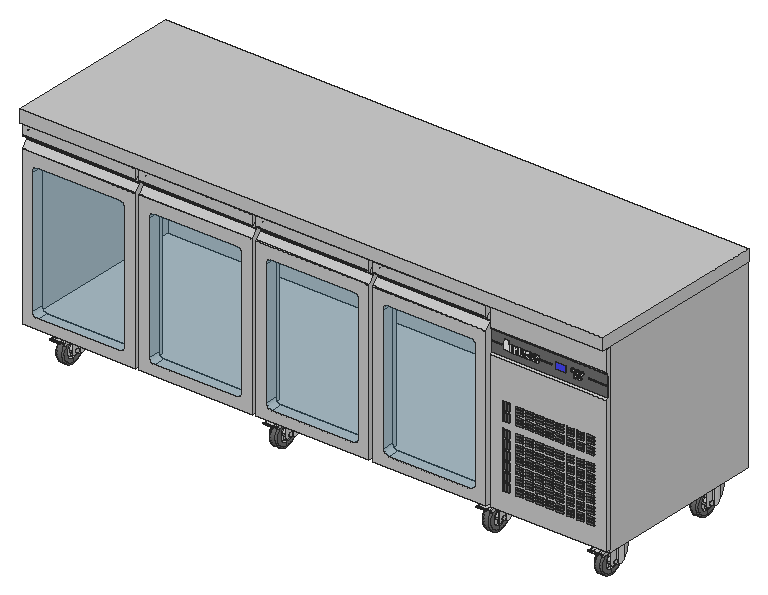
Revit family "QF_INOMAK_PNRP9999_GL_250515024600", category Specialty Equipment, Revit 2021 (continued)
Definition of nested family "QF_INOMAK_PNRP9999-GL_2920"
  Definition of nested family "QF_INOMAK_CONRTOL-PANEL"
    Forms (mm)
      Extrusion 1, solid
        sketch origin (-2240, -700, 0) x (-1, 0, 0) y (0, 0, 1)
          loop
            line (-1957.4, 215.855) -> (-1933.4, 215.855)
            arc (-1933.4, 215.855) -> (-1930.4, 218.855) -> (-1933.4, 221.855) r 3
            line (-1933.4, 221.855) -> (-1957.4, 221.855)
          loop
            arc (-1918.4, 221.855) -> (-1921.4, 218.855) -> (-1918.4, 215.855) r 3
            line (-1918.4, 215.855) -> (-1894.4, 215.855)
            arc (-1894.4, 215.855) -> (-1891.4, 218.855) -> (-1894.4, 221.855) r 3
            line (-1894.4, 221.855) -> (-1918.4, 221.855)
          loop
            arc (-2191.4, 210.855) -> (-2194.4, 207.855) -> (-2191.4, 204.855) r 3
            line (-2191.4, 204.855) -> (-2167.4, 204.855)
            arc (-2167.4, 204.855) -> (-2164.4, 207.855) -> (-2167.4, 210.855) r 3
            line (-2167.4, 210.855) -> (-2191.4, 210.855)
          loop
            arc (-2152.4, 210.855) -> (-2155.4, 207.855) -> (-2152.4, 204.855) r 3
            line (-2152.4, 204.855) -> (-2128.4, 204.855)
            arc (-2128.4, 204.855) -> (-2125.4, 207.855) -> (-2128.4, 210.855) r 3
            line (-2128.4, 210.855) -> (-2152.4, 210.855)
          loop
            arc (-2113.4, 210.855) -> (-2116.4, 207.855) -> (-2113.4, 204.855) r 3
            line (-2113.4, 204.855) -> (-2089.4, 204.855)
            arc (-2089.4, 204.855) -> (-2086.4, 207.855) -> (-2089.4, 210.855) r 3
            line (-2089.4, 210.855) -> (-2113.4, 210.855)
          loop
            arc (-2074.4, 210.855) -> (-2077.4, 207.855) -> (-2074.4, 204.855) r 3
            line (-2074.4, 204.855) -> (-2050.4, 204.855)
            arc (-2050.4, 204.855) -> (-2047.4, 207.855) -> (-2050.4, 210.855) r 3
            line (-2050.4, 210.855) -> (-2074.4, 210.855)
          loop
            arc (-2035.4, 210.855) -> (-2038.4, 207.855) -> (-2035.4, 204.855) r 3
            line (-2035.4, 204.855) -> (-2011.4, 204.855)
            arc (-2011.4, 204.855) -> (-2008.4, 207.855) -> (-2011.4, 210.855) r 3
            line (-2011.4, 210.855) -> (-2035.4, 210.855)
          loop
            arc (-1996.4, 210.855) -> (-1999.4, 207.855) -> (-1996.4, 204.855) r 3
            line (-1996.4, 204.855) -> (-1972.4, 204.855)
            arc (-1972.4, 204.855) -> (-1969.4, 207.855) -> (-1972.4, 210.855) r 3
            line (-1972.4, 210.855) -> (-1996.4, 210.855)
          loop
            arc (-1957.4, 210.855) -> (-1960.4, 207.855) -> (-1957.4, 204.855) r 3
            line (-1957.4, 204.855) -> (-1933.4, 204.855)
            arc (-1933.4, 204.855) -> (-1930.4, 207.855) -> (-1933.4, 210.855) r 3
            line (-1933.4, 210.855) -> (-1957.4, 210.855)
          loop
            arc (-1918.4, 210.855) -> (-1921.4, 207.855) -> (-1918.4, 204.855) r 3
            line (-1918.4, 204.855) -> (-1894.4, 204.855)
            arc (-1894.4, 204.855) -> (-1891.4, 207.855) -> (-1894.4, 210.855) r 3
            line (-1894.4, 210.855) -> (-1918.4, 210.855)
          loop
            arc (-2191.4, 199.855) -> (-2194.4, 196.855) -> (-2191.4, 193.855) r 3
            line (-2191.4, 193.855) -> (-2167.4, 193.855)
            arc (-2167.4, 193.855) -> (-2164.4, 196.855) -> (-2167.4, 199.855) r 3
            line (-2167.4, 199.855) -> (-2191.4, 199.855)
          loop
            arc (-2152.4, 199.855) -> (-2155.4, 196.855) -> (-2152.4, 193.855) r 3
            line (-2152.4, 193.855) -> (-2128.4, 193.855)
            arc (-2128.4, 193.855) -> (-2125.4, 196.855) -> (-2128.4, 199.855) r 3
            line (-2128.4, 199.855) -> (-2152.4, 199.855)
          loop
            arc (-2113.4, 199.855) -> (-2116.4, 196.855) -> (-2113.4, 193.855) r 3
            line (-2113.4, 193.855) -> (-2089.4, 193.855)
            arc (-2089.4, 193.855) -> (-2086.4, 196.855) -> (-2089.4, 199.855) r 3
            line (-2089.4, 199.855) -> (-2113.4, 199.855)
          loop
            arc (-2074.4, 199.855) -> (-2077.4, 196.855) -> (-2074.4, 193.855) r 3
            line (-2074.4, 193.855) -> (-2050.4, 193.855)
            arc (-2050.4, 193.855) -> (-2047.4, 196.855) -> (-2050.4, 199.855) r 3
            line (-2050.4, 199.855) -> (-2074.4, 199.855)
          loop
            arc (-2035.4, 199.855) -> (-2038.4, 196.855) -> (-2035.4, 193.855) r 3
            line (-2035.4, 193.855) -> (-2011.4, 193.855)
            arc (-2011.4, 193.855) -> (-2008.4, 196.855) -> (-2011.4, 199.855) r 3
            line (-2011.4, 199.855) -> (-2035.4, 199.855)
          loop
            arc (-1996.4, 199.855) -> (-1999.4, 196.855) -> (-1996.4, 193.855) r 3
            line (-1996.4, 193.855) -> (-1972.4, 193.855)
            arc (-1972.4, 193.855) -> (-1969.4, 196.855) -> (-1972.4, 199.855) r 3
            line (-1972.4, 199.855) -> (-1996.4, 199.855)
          loop
            arc (-1957.4, 199.855) -> (-1960.4, 196.855) -> (-1957.4, 193.855) r 3
            line (-1957.4, 193.855) -> (-1933.4, 193.855)
            arc (-1933.4, 193.855) -> (-1930.4, 196.855) -> (-1933.4, 199.855) r 3
            line (-1933.4, 199.855) -> (-1957.4, 199.855)
          loop
            arc (-1918.4, 199.855) -> (-1921.4, 196.855) -> (-1918.4, 193.855) r 3
            line (-1918.4, 193.855) -> (-1894.4, 193.855)
            arc (-1894.4, 193.855) -> (-1891.4, 196.855) -> (-1894.4, 199.855) r 3
            line (-1894.4, 199.855) -> (-1918.4, 199.855)
          loop
            arc (-2191.4, 184.855) -> (-2194.4, 181.855) -> (-2191.4, 178.855) r 3
            line (-2191.4, 178.855) -> (-2167.4, 178.855)
            arc (-2167.4, 178.855) -> (-2164.4, 181.855) -> (-2167.4, 184.855) r 3
            line (-2167.4, 184.855) -> (-2191.4, 184.855)
          loop
            arc (-2152.4, 184.855) -> (-2155.4, 181.855) -> (-2152.4, 178.855) r 3
            line (-2152.4, 178.855) -> (-2128.4, 178.855)
            arc (-2128.4, 178.855) -> (-2125.4, 181.855) -> (-2128.4, 184.855) r 3
            line (-2128.4, 184.855) -> (-2152.4, 184.855)
          loop
            arc (-2113.4, 184.855) -> (-2116.4, 181.855) -> (-2113.4, 178.855) r 3
            line (-2113.4, 178.855) -> (-2089.4, 178.855)
            arc (-2089.4, 178.855) -> (-2086.4, 181.855) -> (-2089.4, 184.855) r 3
            line (-2089.4, 184.855) -> (-2113.4, 184.855)
          loop
            arc (-2074.4, 184.855) -> (-2077.4, 181.855) -> (-2074.4, 178.855) r 3
            line (-2074.4, 178.855) -> (-2050.4, 178.855)
            arc (-2050.4, 178.855) -> (-2047.4, 181.855) -> (-2050.4, 184.855) r 3
            line (-2050.4, 184.855) -> (-2074.4, 184.855)
          loop
            arc (-2035.4, 184.855) -> (-2038.4, 181.855) -> (-2035.4, 178.855) r 3
            line (-2035.4, 178.855) -> (-2011.4, 178.855)
            arc (-2011.4, 178.855) -> (-2008.4, 181.855) -> (-2011.4, 184.855) r 3
            line (-2011.4, 184.855) -> (-2035.4, 184.855)
          loop
            arc (-1996.4, 184.855) -> (-1999.4, 181.855) -> (-1996.4, 178.855) r 3
            line (-1996.4, 178.855) -> (-1972.4, 178.855)
            arc (-1972.4, 178.855) -> (-1969.4, 181.855) -> (-1972.4, 184.855) r 3
            line (-1972.4, 184.855) -> (-1996.4, 184.855)
          loop
            arc (-1957.4, 184.855) -> (-1960.4, 181.855) -> (-1957.4, 178.855) r 3
            line (-1957.4, 178.855) -> (-1933.4, 178.855)
            arc (-1933.4, 178.855) -> (-1930.4, 181.855) -> (-1933.4, 184.855) r 3
            line (-1933.4, 184.855) -> (-1957.4, 184.855)
          loop
            arc (-1918.4, 184.855) -> (-1921.4, 181.855) -> (-1918.4, 178.855) r 3
            line (-1918.4, 178.855) -> (-1894.4, 178.855)
            arc (-1894.4, 178.855) -> (-1891.4, 181.855) -> (-1894.4, 184.855) r 3
            line (-1894.4, 184.855) -> (-1918.4, 184.855)
          loop
            arc (-2191.4, 173.855) -> (-2194.4, 170.855) -> (-2191.4, 167.855) r 3
            line (-2191.4, 167.855) -> (-2167.4, 167.855)
            arc (-2167.4, 167.855) -> (-2164.4, 170.855) -> (-2167.4, 173.855) r 3
            line (-2167.4, 173.855) -> (-2191.4, 173.855)
          loop
            arc (-2152.4, 173.855) -> (-2155.4, 170.855) -> (-2152.4, 167.855) r 3
            line (-2152.4, 167.855) -> (-2128.4, 167.855)
            arc (-2128.4, 167.855) -> (-2125.4, 170.855) -> (-2128.4, 173.855) r 3
            line (-2128.4, 173.855) -> (-2152.4, 173.855)
          loop
            arc (-2113.4, 173.855) -> (-2116.4, 170.855) -> (-2113.4, 167.855) r 3
            line (-2113.4, 167.855) -> (-2089.4, 167.855)
            arc (-2089.4, 167.855) -> (-2086.4, 170.855) -> (-2089.4, 173.855) r 3
            line (-2089.4, 173.855) -> (-2113.4, 173.855)
          loop
            arc (-2074.4, 173.855) -> (-2077.4, 170.855) -> (-2074.4, 167.855) r 3
            line (-2074.4, 167.855) -> (-2050.4, 167.855)
            arc (-2050.4, 167.855) -> (-2047.4, 170.855) -> (-2050.4, 173.855) r 3
            line (-2050.4, 173.855) -> (-2074.4, 173.855)
          loop
            arc (-2035.4, 173.855) -> (-2038.4, 170.855) -> (-2035.4, 167.855) r 3
            line (-2035.4, 167.855) -> (-2011.4, 167.855)
            arc (-2011.4, 167.855) -> (-2008.4, 170.855) -> (-2011.4, 173.855) r 3
            line (-2011.4, 173.855) -> (-2035.4, 173.855)
          loop
            arc (-1996.4, 173.855) -> (-1999.4, 170.855) -> (-1996.4, 167.855) r 3
            line (-1996.4, 167.855) -> (-1972.4, 167.855)
            arc (-1972.4, 167.855) -> (-1969.4, 170.855) -> (-1972.4, 173.855) r 3
            line (-1972.4, 173.855) -> (-1996.4, 173.855)
          loop
            arc (-1957.4, 173.855) -> (-1960.4, 170.855) -> (-1957.4, 167.855) r 3
            line (-1957.4, 167.855) -> (-1933.4, 167.855)
            arc (-1933.4, 167.855) -> (-1930.4, 170.855) -> (-1933.4, 173.855) r 3
            line (-1933.4, 173.855) -> (-1957.4, 173.855)
          loop
            arc (-1918.4, 173.855) -> (-1921.4, 170.855) -> (-1918.4, 167.855) r 3
            line (-1918.4, 167.855) -> (-1894.4, 167.855)
            arc (-1894.4, 167.855) -> (-1891.4, 170.855) -> (-1894.4, 173.855) r 3
            line (-1894.4, 173.855) -> (-1918.4, 173.855)
          loop
            arc (-2191.4, 162.855) -> (-2194.4, 159.855) -> (-2191.4, 156.855) r 3
            line (-2191.4, 156.855) -> (-2167.4, 156.855)
            arc (-2167.4, 156.855) -> (-2164.4, 159.855) -> (-2167.4, 162.855) r 3
            line (-2167.4, 162.855) -> (-2191.4, 162.855)
          loop
            arc (-2152.4, 162.855) -> (-2155.4, 159.855) -> (-2152.4, 156.855) r 3
            line (-2152.4, 156.855) -> (-2128.4, 156.855)
            arc (-2128.4, 156.855) -> (-2125.4, 159.855) -> (-2128.4, 162.855) r 3
            line (-2128.4, 162.855) -> (-2152.4, 162.855)
          loop
            arc (-2113.4, 162.855) -> (-2116.4, 159.855) -> (-2113.4, 156.855) r 3
            line (-2113.4, 156.855) -> (-2089.4, 156.855)
            arc (-2089.4, 156.855) -> (-2086.4, 159.855) -> (-2089.4, 162.855) r 3
            line (-2089.4, 162.855) -> (-2113.4, 162.855)
          loop
            arc (-2074.4, 162.855) -> (-2077.4, 159.855) -> (-2074.4, 156.855) r 3
            line (-2074.4, 156.855) -> (-2050.4, 156.855)
            arc (-2050.4, 156.855) -> (-2047.4, 159.855) -> (-2050.4, 162.855) r 3
            line (-2050.4, 162.855) -> (-2074.4, 162.855)
          loop
            arc (-2035.4, 162.855) -> (-2038.4, 159.855) -> (-2035.4, 156.855) r 3
            line (-2035.4, 156.855) -> (-2011.4, 156.855)
            arc (-2011.4, 156.855) -> (-2008.4, 159.855) -> (-2011.4, 162.855) r 3
            line (-2011.4, 162.855) -> (-2035.4, 162.855)
          loop
            arc (-1996.4, 162.855) -> (-1999.4, 159.855) -> (-1996.4, 156.855) r 3
            line (-1996.4, 156.855) -> (-1972.4, 156.855)
            arc (-1972.4, 156.855) -> (-1969.4, 159.855) -> (-1972.4, 162.855) r 3
            line (-1972.4, 162.855) -> (-1996.4, 162.855)
          loop
            arc (-1957.4, 162.855) -> (-1960.4, 159.855) -> (-1957.4, 156.855) r 3
            line (-1957.4, 156.855) -> (-1933.4, 156.855)
            arc (-1933.4, 156.855) -> (-1930.4, 159.855) -> (-1933.4, 162.855) r 3
            line (-1933.4, 162.855) -> (-1957.4, 162.855)
          loop
            arc (-1918.4, 162.855) -> (-1921.4, 159.855) -> (-1918.4, 156.855) r 3
            line (-1918.4, 156.855) -> (-1894.4, 156.855)
            arc (-1894.4, 156.855) -> (-1891.4, 159.855) -> (-1894.4, 162.855) r 3
            line (-1894.4, 162.855) -> (-1918.4, 162.855)
          loop
            arc (-2191.4, 147.855) -> (-2194.4, 144.855) -> (-2191.4, 141.855) r 3
            line (-2191.4, 141.855) -> (-2167.4, 141.855)
            arc (-2167.4, 141.855) -> (-2164.4, 144.855) -> (-2167.4, 147.855) r 3
            line (-2167.4, 147.855) -> (-2191.4, 147.855)
          loop
            arc (-2152.4, 147.855) -> (-2155.4, 144.855) -> (-2152.4, 141.855) r 3
            line (-2152.4, 141.855) -> (-2128.4, 141.855)
            arc (-2128.4, 141.855) -> (-2125.4, 144.855) -> (-2128.4, 147.855) r 3
            line (-2128.4, 147.855) -> (-2152.4, 147.855)
          loop
            arc (-2113.4, 147.855) -> (-2116.4, 144.855) -> (-2113.4, 141.855) r 3
            line (-2113.4, 141.855) -> (-2089.4, 141.855)
            arc (-2089.4, 141.855) -> (-2086.4, 144.855) -> (-2089.4, 147.855) r 3
            line (-2089.4, 147.855) -> (-2113.4, 147.855)
          loop
            arc (-2074.4, 147.855) -> (-2077.4, 144.855) -> (-2074.4, 141.855) r 3
            line (-2074.4, 141.855) -> (-2050.4, 141.855)
            arc (-2050.4, 141.855) -> (-2047.4, 144.855) -> (-2050.4, 147.855) r 3
            line (-2050.4, 147.855) -> (-2074.4, 147.855)
          loop
            arc (-2035.4, 147.855) -> (-2038.4, 144.855) -> (-2035.4, 141.855) r 3
            line (-2035.4, 141.855) -> (-2011.4, 141.855)
            arc (-2011.4, 141.855) -> (-2008.4, 144.855) -> (-2011.4, 147.855) r 3
            line (-2011.4, 147.855) -> (-2035.4, 147.855)
          loop
            arc (-1996.4, 147.855) -> (-1999.4, 144.855) -> (-1996.4, 141.855) r 3
            line (-1996.4, 141.855) -> (-1972.4, 141.855)
            arc (-1972.4, 141.855) -> (-1969.4, 144.855) -> (-1972.4, 147.855) r 3
            line (-1972.4, 147.855) -> (-1996.4, 147.855)
          loop
            arc (-1957.4, 147.855) -> (-1960.4, 144.855) -> (-1957.4, 141.855) r 3
            line (-1957.4, 141.855) -> (-1933.4, 141.855)
            arc (-1933.4, 141.855) -> (-1930.4, 144.855) -> (-1933.4, 147.855) r 3
            line (-1933.4, 147.855) -> (-1957.4, 147.855)
          loop
            arc (-1918.4, 147.855) -> (-1921.4, 144.855) -> (-1918.4, 141.855) r 3
            line (-1918.4, 141.855) -> (-1894.4, 141.855)
            arc (-1894.4, 141.855) -> (-1891.4, 144.855) -> (-1894.4, 147.855) r 3
            line (-1894.4, 147.855) -> (-1918.4, 147.855)
          loop
            arc (-2191.4, 136.855) -> (-2194.4, 133.855) -> (-2191.4, 130.855) r 3
            line (-2191.4, 130.855) -> (-2167.4, 130.855)
            arc (-2167.4, 130.855) -> (-2164.4, 133.855) -> (-2167.4, 136.855) r 3
            line (-2167.4, 136.855) -> (-2191.4, 136.855)
          loop
            arc (-2152.4, 136.855) -> (-2155.4, 133.855) -> (-2152.4, 130.855) r 3
            line (-2152.4, 130.855) -> (-2128.4, 130.855)
            arc (-2128.4, 130.855) -> (-2125.4, 133.855) -> (-2128.4, 136.855) r 3
            line (-2128.4, 136.855) -> (-2152.4, 136.855)
          loop
            arc (-2113.4, 136.855) -> (-2116.4, 133.855) -> (-2113.4, 130.855) r 3
            line (-2113.4, 130.855) -> (-2089.4, 130.855)
            arc (-2089.4, 130.855) -> (-2086.4, 133.855) -> (-2089.4, 136.855) r 3
            line (-2089.4, 136.855) -> (-2113.4, 136.855)
          loop
            arc (-2074.4, 136.855) -> (-2077.4, 133.855) -> (-2074.4, 130.855) r 3
            line (-2074.4, 130.855) -> (-2050.4, 130.855)
            arc (-2050.4, 130.855) -> (-2047.4, 133.855) -> (-2050.4, 136.855) r 3
            line (-2050.4, 136.855) -> (-2074.4, 136.855)
          loop
            arc (-2035.4, 136.855) -> (-2038.4, 133.855) -> (-2035.4, 130.855) r 3
            line (-2035.4, 130.855) -> (-2011.4, 130.855)
            arc (-2011.4, 130.855) -> (-2008.4, 133.855) -> (-2011.4, 136.855) r 3
            line (-2011.4, 136.855) -> (-2035.4, 136.855)
          loop
            arc (-1996.4, 136.855) -> (-1999.4, 133.855) -> (-1996.4, 130.855) r 3
            line (-1996.4, 130.855) -> (-1972.4, 130.855)
            arc (-1972.4, 130.855) -> (-1969.4, 133.855) -> (-1972.4, 136.855) r 3
            line (-1972.4, 136.855) -> (-1996.4, 136.855)
          loop
            arc (-1957.4, 136.855) -> (-1960.4, 133.855) -> (-1957.4, 130.855) r 3
            line (-1957.4, 130.855) -> (-1933.4, 130.855)
            arc (-1933.4, 130.855) -> (-1930.4, 133.855) -> (-1933.4, 136.855) r 3
            line (-1933.4, 136.855) -> (-1957.4, 136.855)
          loop
            arc (-1918.4, 136.855) -> (-1921.4, 133.855) -> (-1918.4, 130.855) r 3
            line (-1918.4, 130.855) -> (-1894.4, 130.855)
            arc (-1894.4, 130.855) -> (-1891.4, 133.855) -> (-1894.4, 136.855) r 3
            line (-1894.4, 136.855) -> (-1918.4, 136.855)
          loop
            arc (-2191.4, 125.855) -> (-2194.4, 122.855) -> (-2191.4, 119.855) r 3
            line (-2191.4, 119.855) -> (-2167.4, 119.855)
            arc (-2167.4, 119.855) -> (-2164.4, 122.855) -> (-2167.4, 125.855) r 3
            line (-2167.4, 125.855) -> (-2191.4, 125.855)
          loop
            arc (-2152.4, 125.855) -> (-2155.4, 122.855) -> (-2152.4, 119.855) r 3
            line (-2152.4, 119.855) -> (-2128.4, 119.855)
            arc (-2128.4, 119.855) -> (-2125.4, 122.855) -> (-2128.4, 125.855) r 3
            line (-2128.4, 125.855) -> (-2152.4, 125.855)
          loop
            arc (-2113.4, 125.855) -> (-2116.4, 122.855) -> (-2113.4, 119.855) r 3
            line (-2113.4, 119.855) -> (-2089.4, 119.855)
            arc (-2089.4, 119.855) -> (-2086.4, 122.855) -> (-2089.4, 125.855) r 3
            line (-2089.4, 125.855) -> (-2113.4, 125.855)
          loop
            arc (-2074.4, 125.855) -> (-2077.4, 122.855) -> (-2074.4, 119.855) r 3
            line (-2074.4, 119.855) -> (-2050.4, 119.855)
            arc (-2050.4, 119.855) -> (-2047.4, 122.855) -> (-2050.4, 125.855) r 3
            line (-2050.4, 125.855) -> (-2074.4, 125.855)
          loop
            arc (-2035.4, 125.855) -> (-2038.4, 122.855) -> (-2035.4, 119.855) r 3
            line (-2035.4, 119.855) -> (-2011.4, 119.855)
            arc (-2011.4, 119.855) -> (-2008.4, 122.855) -> (-2011.4, 125.855) r 3
            line (-2011.4, 125.855) -> (-2035.4, 125.855)
          loop
            arc (-1996.4, 125.855) -> (-1999.4, 122.855) -> (-1996.4, 119.855) r 3
            line (-1996.4, 119.855) -> (-1972.4, 119.855)
            arc (-1972.4, 119.855) -> (-1969.4, 122.855) -> (-1972.4, 125.855) r 3
            line (-1972.4, 125.855) -> (-1996.4, 125.855)
          loop
            arc (-1957.4, 125.855) -> (-1960.4, 122.855) -> (-1957.4, 119.855) r 3
            line (-1957.4, 119.855) -> (-1933.4, 119.855)
            arc (-1933.4, 119.855) -> (-1930.4, 122.855) -> (-1933.4, 125.855) r 3
            line (-1933.4, 125.855) -> (-1957.4, 125.855)
          loop
            arc (-1918.4, 125.855) -> (-1921.4, 122.855) -> (-1918.4, 119.855) r 3
            line (-1918.4, 119.855) -> (-1894.4, 119.855)
            arc (-1894.4, 119.855) -> (-1891.4, 122.855) -> (-1894.4, 125.855) r 3
            line (-1894.4, 125.855) -> (-1918.4, 125.855)
          loop
            arc (-2191.4, 110.855) -> (-2194.4, 107.855) -> (-2191.4, 104.855) r 3
            line (-2191.4, 104.855) -> (-2167.4, 104.855)
            arc (-2167.4, 104.855) -> (-2164.4, 107.855) -> (-2167.4, 110.855) r 3
            line (-2167.4, 110.855) -> (-2191.4, 110.855)
          loop
            arc (-2152.4, 110.855) -> (-2155.4, 107.855) -> (-2152.4, 104.855) r 3
            line (-2152.4, 104.855) -> (-2128.4, 104.855)
            arc (-2128.4, 104.855) -> (-2125.4, 107.855) -> (-2128.4, 110.855) r 3
            line (-2128.4, 110.855) -> (-2152.4, 110.855)
          loop
            arc (-2113.4, 110.855) -> (-2116.4, 107.855) -> (-2113.4, 104.855) r 3
            line (-2113.4, 104.855) -> (-2089.4, 104.855)
            arc (-2089.4, 104.855) -> (-2086.4, 107.855) -> (-2089.4, 110.855) r 3
            line (-2089.4, 110.855) -> (-2113.4, 110.855)
          loop
            arc (-2074.4, 110.855) -> (-2077.4, 107.855) -> (-2074.4, 104.855) r 3
            line (-2074.4, 104.855) -> (-2050.4, 104.855)
            arc (-2050.4, 104.855) -> (-2047.4, 107.855) -> (-2050.4, 110.855) r 3
            line (-2050.4, 110.855) -> (-2074.4, 110.855)
          loop
            arc (-2035.4, 110.855) -> (-2038.4, 107.855) -> (-2035.4, 104.855) r 3
            line (-2035.4, 104.855) -> (-2011.4, 104.855)
            arc (-2011.4, 104.855) -> (-2008.4, 107.855) -> (-2011.4, 110.855) r 3
            line (-2011.4, 110.855) -> (-2035.4, 110.855)
          loop
            arc (-1996.4, 110.855) -> (-1999.4, 107.855) -> (-1996.4, 104.855) r 3
            line (-1996.4, 104.855) -> (-1972.4, 104.855)
            arc (-1972.4, 104.855) -> (-1969.4, 107.855) -> (-1972.4, 110.855) r 3
            line (-1972.4, 110.855) -> (-1996.4, 110.855)
          loop
            arc (-1957.4, 110.855) -> (-1960.4, 107.855) -> (-1957.4, 104.855) r 3
            line (-1957.4, 104.855) -> (-1933.4, 104.855)
            arc (-1933.4, 104.855) -> (-1930.4, 107.855) -> (-1933.4, 110.855) r 3
            line (-1933.4, 110.855) -> (-1957.4, 110.855)
          loop
            arc (-1918.4, 110.855) -> (-1921.4, 107.855) -> (-1918.4, 104.855) r 3
            line (-1918.4, 104.855) -> (-1894.4, 104.855)
            arc (-1894.4, 104.855) -> (-1891.4, 107.855) -> (-1894.4, 110.855) r 3
            line (-1894.4, 110.855) -> (-1918.4, 110.855)
          loop
            arc (-2191.4, 99.855) -> (-2194.4, 96.855) -> (-2191.4, 93.855) r 3
            line (-2191.4, 93.855) -> (-2167.4, 93.855)
            arc (-2167.4, 93.855) -> (-2164.4, 96.855) -> (-2167.4, 99.855) r 3
            line (-2167.4, 99.855) -> (-2191.4, 99.855)
          loop
            arc (-2152.4, 99.855) -> (-2155.4, 96.855) -> (-2152.4, 93.855) r 3
            line (-2152.4, 93.855) -> (-2128.4, 93.855)
            arc (-2128.4, 93.855) -> (-2125.4, 96.855) -> (-2128.4, 99.855) r 3
            line (-2128.4, 99.855) -> (-2152.4, 99.855)
          loop
            arc (-2113.4, 99.855) -> (-2116.4, 96.855) -> (-2113.4, 93.855) r 3
            line (-2113.4, 93.855) -> (-2089.4, 93.855)
            arc (-2089.4, 93.855) -> (-2086.4, 96.855) -> (-2089.4, 99.855) r 3
            line (-2089.4, 99.855) -> (-2113.4, 99.855)
          loop
            arc (-2074.4, 99.855) -> (-2077.4, 96.855) -> (-2074.4, 93.855) r 3
            line (-2074.4, 93.855) -> (-2050.4, 93.855)
            arc (-2050.4, 93.855) -> (-2047.4, 96.855) -> (-2050.4, 99.855) r 3
            line (-2050.4, 99.855) -> (-2074.4, 99.855)
          loop
            arc (-2035.4, 99.855) -> (-2038.4, 96.855) -> (-2035.4, 93.855) r 3
            line (-2035.4, 93.855) -> (-2011.4, 93.855)
            arc (-2011.4, 93.855) -> (-2008.4, 96.855) -> (-2011.4, 99.855) r 3
            line (-2011.4, 99.855) -> (-2035.4, 99.855)
          loop
            arc (-1996.4, 99.855) -> (-1999.4, 96.855) -> (-1996.4, 93.855) r 3
            line (-1996.4, 93.855) -> (-1972.4, 93.855)
            arc (-1972.4, 93.855) -> (-1969.4, 96.855) -> (-1972.4, 99.855) r 3
            line (-1972.4, 99.855) -> (-1996.4, 99.855)
          loop
            arc (-1957.4, 99.855) -> (-1960.4, 96.855) -> (-1957.4, 93.855) r 3
            line (-1957.4, 93.855) -> (-1933.4, 93.855)
            arc (-1933.4, 93.855) -> (-1930.4, 96.855) -> (-1933.4, 99.855) r 3
            line (-1933.4, 99.855) -> (-1957.4, 99.855)
          loop
            arc (-1918.4, 99.855) -> (-1921.4, 96.855) -> (-1918.4, 93.855) r 3
            line (-1918.4, 93.855) -> (-1894.4, 93.855)
            arc (-1894.4, 93.855) -> (-1891.4, 96.855) -> (-1894.4, 99.855) r 3
            line (-1894.4, 99.855) -> (-1918.4, 99.855)
          loop
            arc (-2191.4, 88.855) -> (-2194.4, 85.855) -> (-2191.4, 82.855) r 3
            line (-2191.4, 82.855) -> (-2167.4, 82.855)
            arc (-2167.4, 82.855) -> (-2164.4, 85.855) -> (-2167.4, 88.855) r 3
            line (-2167.4, 88.855) -> (-2191.4, 88.855)
          loop
            arc (-2152.4, 88.855) -> (-2155.4, 85.855) -> (-2152.4, 82.855) r 3
            line (-2152.4, 82.855) -> (-2128.4, 82.855)
            arc (-2128.4, 82.855) -> (-2125.4, 85.855) -> (-2128.4, 88.855) r 3
            line (-2128.4, 88.855) -> (-2152.4, 88.855)
          loop
            arc (-2113.4, 88.855) -> (-2116.4, 85.855) -> (-2113.4, 82.855) r 3
            line (-2113.4, 82.855) -> (-2089.4, 82.855)
            arc (-2089.4, 82.855) -> (-2086.4, 85.855) -> (-2089.4, 88.855) r 3
            line (-2089.4, 88.855) -> (-2113.4, 88.855)
          loop
            arc (-2074.4, 88.855) -> (-2077.4, 85.855) -> (-2074.4, 82.855) r 3
            line (-2074.4, 82.855) -> (-2050.4, 82.855)
            arc (-2050.4, 82.855) -> (-2047.4, 85.855) -> (-2050.4, 88.855) r 3
            line (-2050.4, 88.855) -> (-2074.4, 88.855)
          loop
            arc (-2035.4, 88.855) -> (-2038.4, 85.855) -> (-2035.4, 82.855) r 3
            line (-2035.4, 82.855) -> (-2011.4, 82.855)
            arc (-2011.4, 82.855) -> (-2008.4, 85.855) -> (-2011.4, 88.855) r 3
            line (-2011.4, 88.855) -> (-2035.4, 88.855)
          loop
            arc (-1996.4, 88.855) -> (-1999.4, 85.855) -> (-1996.4, 82.855) r 3
            line (-1996.4, 82.855) -> (-1972.4, 82.855)
            arc (-1972.4, 82.855) -> (-1969.4, 85.855) -> (-1972.4, 88.855) r 3
            line (-1972.4, 88.855) -> (-1996.4, 88.855)
          loop
            arc (-1957.4, 88.855) -> (-1960.4, 85.855) -> (-1957.4, 82.855) r 3
            line (-1957.4, 82.855) -> (-1933.4, 82.855)
            arc (-1933.4, 82.855) -> (-1930.4, 85.855) -> (-1933.4, 88.855) r 3
            line (-1933.4, 88.855) -> (-1957.4, 88.855)
          loop
            arc (-1918.4, 88.855) -> (-1921.4, 85.855) -> (-1918.4, 82.855) r 3
            line (-1918.4, 82.855) -> (-1894.4, 82.855)
            arc (-1894.4, 82.855) -> (-1891.4, 85.855) -> (-1894.4, 88.855) r 3
            line (-1894.4, 88.855) -> (-1918.4, 88.855)
          loop
            arc (-1840.4, 387.855) -> (-1843.4, 390.855) -> (-1846.4, 387.855) r 3
            line (-1846.4, 387.855) -> (-1846.4, 363.855)
            arc (-1846.4, 363.855) -> (-1843.4, 360.855) -> (-1840.4, 363.855) r 3
            line (-1840.4, 363.855) -> (-1840.4, 387.855)
          loop
            arc (-1851.4, 387.855) -> (-1854.4, 390.855) -> (-1857.4, 387.855) r 3
            line (-1857.4, 387.855) -> (-1857.4, 363.855)
            arc (-1857.4, 363.855) -> (-1854.4, 360.855) -> (-1851.4, 363.855) r 3
            line (-1851.4, 363.855) -> (-1851.4, 387.855)
          loop
            arc (-1862.4, 387.855) -> (-1865.4, 390.855) -> (-1868.4, 387.855) r 3
            line (-1868.4, 387.855) -> (-1868.4, 363.855)
            arc (-1868.4, 363.855) -> (-1865.4, 360.855) -> (-1862.4, 363.855) r 3
            line (-1862.4, 363.855) -> (-1862.4, 387.855)
          loop
            arc (-1840.4, 350.855) -> (-1843.4, 353.855) -> (-1846.4, 350.855) r 3
            line (-1846.4, 350.855) -> (-1846.4, 326.855)
            arc (-1846.4, 326.855) -> (-1843.4, 323.855) -> (-1840.4, 326.855) r 3
            line (-1840.4, 326.855) -> (-1840.4, 350.855)
          loop
            arc (-1851.4, 350.855) -> (-1854.4, 353.855) -> (-1857.4, 350.855) r 3
            line (-1857.4, 350.855) -> (-1857.4, 326.855)
            arc (-1857.4, 326.855) -> (-1854.4, 323.855) -> (-1851.4, 326.855) r 3
            line (-1851.4, 326.855) -> (-1851.4, 350.855)
          loop
            arc (-1862.4, 350.855) -> (-1865.4, 353.855) -> (-1868.4, 350.855) r 3
            line (-1868.4, 350.855) -> (-1868.4, 326.855)
            arc (-1868.4, 326.855) -> (-1865.4, 323.855) -> (-1862.4, 326.855) r 3
            line (-1862.4, 326.855) -> (-1862.4, 350.855)
          loop
            arc (-1840.4, 293.855) -> (-1843.4, 296.855) -> (-1846.4, 293.855) r 3
            line (-1846.4, 293.855) -> (-1846.4, 269.855)
            arc (-1846.4, 269.855) -> (-1843.4, 266.855) -> (-1840.4, 269.855) r 3
            line (-1840.4, 269.855) -> (-1840.4, 293.855)
          loop
            arc (-1851.4, 293.855) -> (-1854.4, 296.855) -> (-1857.4, 293.855) r 3
            line (-1857.4, 293.855) -> (-1857.4, 269.855)
            arc (-1857.4, 269.855) -> (-1854.4, 266.855) -> (-1851.4, 269.855) r 3
            line (-1851.4, 269.855) -> (-1851.4, 293.855)
          loop
            arc (-1862.4, 293.855) -> (-1865.4, 296.855) -> (-1868.4, 293.855) r 3
            line (-1868.4, 293.855) -> (-1868.4, 269.855)
            arc (-1868.4, 269.855) -> (-1865.4, 266.855) -> (-1862.4, 269.855) r 3
            line (-1862.4, 269.855) -> (-1862.4, 293.855)
          loop
            arc (-1840.4, 256.855) -> (-1843.4, 259.855) -> (-1846.4, 256.855) r 3
            line (-1846.4, 256.855) -> (-1846.4, 232.855)
            arc (-1846.4, 232.855) -> (-1843.4, 229.855) -> (-1840.4, 232.855) r 3
            line (-1840.4, 232.855) -> (-1840.4, 256.855)
          loop
            arc (-1851.4, 256.855) -> (-1854.4, 259.855) -> (-1857.4, 256.855) r 3
            line (-1857.4, 256.855) -> (-1857.4, 232.855)
            arc (-1857.4, 232.855) -> (-1854.4, 229.855) -> (-1851.4, 232.855) r 3
            line (-1851.4, 232.855) -> (-1851.4, 256.855)
          loop
            arc (-1862.4, 256.855) -> (-1865.4, 259.855) -> (-1868.4, 256.855) r 3
            line (-1868.4, 256.855) -> (-1868.4, 232.855)
            arc (-1868.4, 232.855) -> (-1865.4, 229.855) -> (-1862.4, 232.855) r 3
            line (-1862.4, 232.855) -> (-1862.4, 256.855)
          loop
            arc (-1840.4, 219.855) -> (-1843.4, 222.855) -> (-1846.4, 219.855) r 3
            line (-1846.4, 219.855) -> (-1846.4, 195.855)
            arc (-1846.4, 195.855) -> (-1843.4, 192.855) -> (-1840.4, 195.855) r 3
            line (-1840.4, 195.855) -> (-1840.4, 219.855)
          loop
            arc (-1851.4, 219.855) -> (-1854.4, 222.855) -> (-1857.4, 219.855) r 3
            line (-1857.4, 219.855) -> (-1857.4, 195.855)
            arc (-1857.4, 195.855) -> (-1854.4, 192.855) -> (-1851.4, 195.855) r 3
            line (-1851.4, 195.855) -> (-1851.4, 219.855)
          loop
            arc (-1862.4, 219.855) -> (-1865.4, 222.855) -> (-1868.4, 219.855) r 3
            line (-1868.4, 219.855) -> (-1868.4, 195.855)
            arc (-1868.4, 195.855) -> (-1865.4, 192.855) -> (-1862.4, 195.855) r 3
            line (-1862.4, 195.855) -> (-1862.4, 219.855)
          loop
            arc (-1840.4, 182.855) -> (-1843.4, 185.855) -> (-1846.4, 182.855) r 3
            line (-1846.4, 182.855) -> (-1846.4, 158.855)
            arc (-1846.4, 158.855) -> (-1843.4, 155.855) -> (-1840.4, 158.855) r 3
            line (-1840.4, 158.855) -> (-1840.4, 182.855)
          loop
            arc (-1851.4, 182.855) -> (-1854.4, 185.855) -> (-1857.4, 182.855) r 3
            line (-1857.4, 182.855) -> (-1857.4, 158.855)
            arc (-1857.4, 158.855) -> (-1854.4, 155.855) -> (-1851.4, 158.855) r 3
            line (-1851.4, 158.855) -> (-1851.4, 182.855)
          loop
            arc (-1862.4, 182.855) -> (-1865.4, 185.855) -> (-1868.4, 182.855) r 3
            line (-1868.4, 182.855) -> (-1868.4, 158.855)
            arc (-1868.4, 158.855) -> (-1865.4, 155.855) -> (-1862.4, 158.855) r 3
            line (-1862.4, 158.855) -> (-1862.4, 182.855)
          loop
            arc (-1840.4, 145.855) -> (-1843.4, 148.855) -> (-1846.4, 145.855) r 3
            line (-1846.4, 145.855) -> (-1846.4, 121.855)
            arc (-1846.4, 121.855) -> (-1843.4, 118.855) -> (-1840.4, 121.855) r 3
            line (-1840.4, 121.855) -> (-1840.4, 145.855)
          loop
            arc (-1851.4, 145.855) -> (-1854.4, 148.855) -> (-1857.4, 145.855) r 3
            line (-1857.4, 145.855) -> (-1857.4, 121.855)
            arc (-1857.4, 121.855) -> (-1854.4, 118.855) -> (-1851.4, 121.855) r 3
            line (-1851.4, 121.855) -> (-1851.4, 145.855)
          loop
            arc (-1862.4, 145.855) -> (-1865.4, 148.855) -> (-1868.4, 145.855) r 3
            line (-1868.4, 145.855) -> (-1868.4, 121.855)
            arc (-1868.4, 121.855) -> (-1865.4, 118.855) -> (-1862.4, 121.855) r 3
            line (-1862.4, 121.855) -> (-1862.4, 145.855)
          loop
            arc (-1840.4, 108.855) -> (-1843.4, 111.855) -> (-1846.4, 108.855) r 3
            line (-1846.4, 108.855) -> (-1846.4, 84.855)
            arc (-1846.4, 84.855) -> (-1843.4, 81.855) -> (-1840.4, 84.855) r 3
            line (-1840.4, 84.855) -> (-1840.4, 108.855)
          loop
            arc (-1851.4, 108.855) -> (-1854.4, 111.855) -> (-1857.4, 108.855) r 3
            line (-1857.4, 108.855) -> (-1857.4, 84.855)
            arc (-1857.4, 84.855) -> (-1854.4, 81.855) -> (-1851.4, 84.855) r 3
            line (-1851.4, 84.855) -> (-1851.4, 108.855)
          loop
            arc (-1862.4, 108.855) -> (-1865.4, 111.855) -> (-1868.4, 108.855) r 3
            line (-1868.4, 108.855) -> (-1868.4, 84.855)
            arc (-1868.4, 84.855) -> (-1865.4, 81.855) -> (-1862.4, 84.855) r 3
            line (-1862.4, 84.855) -> (-1862.4, 108.855)
        from 16.5 to 19
    Dimensions and locks
      "Length": plane 3 "Left" to plane 4 "Right"
      "Depth": plane 5 "Front" to plane 1 "Back"
      "Front offset": plane 7 "Front offset" to plane 5 "Front"
      "Height": plane 6 "Top" to plane 2
      aligned and locked: level to plane 2
    Automatic sketch dimensions
      plane 4 "Right" to Extrusion 1 sketch curve = 48.6 mm  (x3)
      Extrusion 1 sketch curve to Extrusion 1 sketch curve = 0 mm  (x322)
      Extrusion 1 sketch curve to Extrusion 1 sketch curve = 24 mm  (x53)
      Extrusion 1 sketch curve to Extrusion 1 sketch curve = 15 mm  (x52)
      Extrusion 1 sketch curve to Extrusion 1 sketch curve = 26 mm  (x7)
      Extrusion 1 sketch curve to Extrusion 1 sketch curve = 3 mm  (x216)
      Extrusion 1 sketch curve to Extrusion 1 sketch curve = 5 mm  (x144)
      level to Extrusion 1 sketch curve = 82.855 mm  (x2)
      Extrusion 1 sketch curve to Extrusion 1 sketch curve = 2 mm
      Extrusion 1 sketch curve to Extrusion 1 sketch curve = 9 mm  (x48)
      Extrusion 1 sketch curve to Extrusion 1 sketch curve = 13 mm  (x9)
      Extrusion 1 sketch curve to Extrusion 1 sketch curve = 29 mm  (x6)
      Extrusion 1 sketch curve to Extrusion 1 sketch curve = 33 mm
Definition of nested family "QF_INOMAK_REF_COUNTERS_CASTORS_7278"
  Parameters (values of type "CT-2240-600")
    Weight [instance] = 0.00 kg
    Warranty Start Date [instance] = ""
    Warranty Duration [instance] = ""
    URL Cutsheet [instance] = ""
    URL = "www.inomak.com"
    Technical Documentation [instance] = ""
    Tag Number [instance] = ""
    Status [instance] = ""
    Specification by User [instance] = ""
    Specification by Manufacturer [instance] = ""
    Sound Level [instance] = ""
    Solid Fuel Type [instance] = ""
    Show Logo [instance] = yes
    Show Clearances [instance] = yes
    Service Life Duration [instance] = ""
    Serial Number [instance] = ""
    Seismic Rating [instance] = ""
    SMACNA No [instance] = ""
    Right offset = 70 mm
    Revision Code [instance] = ""
    Revision [instance] = ""
    Rear offset = 90 mm
    Production Year [instance] = ""
    Point Load [instance] = 0
    Other Equipment Approvals [instance] = ""
    NAFEM Spec ID Number [instance] = ""
    Model Warning [instance] = ""
    Model = "CT"
    Masterspec [instance] = ""
    Manufacturer = "INOMAK"
    Length Actual [instance] = 0 mm
    Length = 2242 mm
    Left offset = 100 mm
    Item Number [instance] = ""
    Installed By [instance] = ""
    Installation Date [instance] = ""
    Identify Quantity as Lot [instance] = yes
    ID [instance] = ""
    Hygiene Approval [instance] = ""
    Height Actual [instance] = 0 mm
    Height = 130 mm
    Furnished By [instance] = ""
    Front offset = 150 mm
    Foodservice Equipment Identifier [instance] = yes
    ETL Approved [instance] = yes
    Description = "WHEELS"
    Depth Actual [instance] = 0 mm
    Depth = 600 mm
    Default Elevation = 0 mm
    CentralLegs = if(Length > 2000 mm, 2 > 1, 2 < 1)  # yes
    CSI MasterFormat [instance] = ""
    CE Approved [instance] = yes
    Barcode [instance] = ""
    Author [instance] = ""
    Asset Identifier [instance] = ""
    Assembly Code = "E1090320"
    Accessory [instance] = yes
  Types (6, lengths in mm): name | Length | Depth | CentralLegs
    CT-2240-700 | 2242 | 700 | yes
    CT-1790-700 | 1792 | 700 | no
    CT-1345-700 | 1342 | 700 | no
    CT-1345-600 | 1342 | 600 | no
    CT-1790-600 | 1792 | 600 | no
    CT-2240-600 | 2242 | 600 | yes
  Reference planes
    plane 1 "Back": y = 0
    plane 2: z = 0
    plane 3 "Left": x = 0
    plane 4 "Right": x = 2242
    plane 5 "Front": y = -600
    plane 6 "Top": z = 130
    plane 7 "Left offset": x = 100
    plane 8 "Right offset": x = 2172
    plane 9 "Rear offset": y = -90
    plane 10 "Front offset": y = -450
    plane 11 "Central": x = 921
    plane 12: x = 1742
  Dimensions and locks
    "Length": plane 3 "Left" to plane 4 "Right"
    "Depth": plane 5 "Front" to plane 1 "Back"
    "Left offset": plane 3 "Left" to plane 7 "Left offset"
    "Right offset": plane 8 "Right offset" to plane 4 "Right"
    "Rear offset": plane 9 "Rear offset" to plane 1 "Back"
    "Front offset": plane 10 "Front offset" to plane 5 "Front"
    equal spacing: plane 7 "Left offset", plane 11 "Central", plane 12
    locked: plane 12 to plane 8 "Right offset" at 430
    plane 6 "Top" to level = 130 mm
    aligned and locked: level to plane 2
    aligned and locked: nested 1 to plane 7 "Left offset"
    aligned and locked: nested 1 to plane 10 "Front offset"
    aligned and locked: nested 2 to plane 11 "Central"
    aligned and locked: nested 2 to plane 10 "Front offset"
    aligned and locked: nested 3 to plane 12
    aligned and locked: nested 3 to plane 10 "Front offset"
    aligned and locked: nested 4 to plane 8 "Right offset"
    aligned and locked: nested 4 to plane 10 "Front offset"
    aligned and locked: nested 5 to plane 7 "Left offset"
    aligned and locked: nested 5 to plane 9 "Rear offset"
    aligned and locked: nested 6 to plane 12
    aligned and locked: nested 6 to plane 9 "Rear offset"
    aligned and locked: nested 7 to plane 8 "Right offset"
    aligned and locked: nested 7 to plane 9 "Rear offset"
  Nested families
    nested 1: "QF_INOMAK_CASTOR_BRAKES" at (100, -450, 0), type "QF_INOMAK_CASTOR_BRAKES"
    nested 2: "QF_INOMAK_CASTOR_BRAKES" at (921, -450, 0), visible <- "CentralLegs", type "QF_INOMAK_CASTOR_BRAKES"
    nested 3: "QF_INOMAK_CASTOR_BRAKES" at (1742, -450, 0), type "QF_INOMAK_CASTOR_BRAKES"
    nested 4: "QF_INOMAK_CASTOR_BRAKES" at (2172, -450, 0), type "QF_INOMAK_CASTOR_BRAKES"
    nested 5: "QF_INOMAK_CASTOR" at (100, -90, 0), type "QF_INOMAK_CASTOR"
    nested 6: "QF_INOMAK_CASTOR" at (1742, -90, 0), type "QF_INOMAK_CASTOR"
    nested 7: "QF_INOMAK_CASTOR" at (2172, -90, 0), type "QF_INOMAK_CASTOR"
  Definition of nested family "QF_INOMAK_CASTOR_BRAKES"
    Parameters (values of type "QF_INOMAK_CASTOR_BRAKES")
      Default Elevation = 0 mm
    Reference planes
      plane 1 "Center (Front/Back)": y = 0
      plane 2: z = 0
      plane 3 "Center (Left/Right)": x = 0
    Forms (mm)
      Extrusion 1, solid
        sketch origin (-55, 171.5, 124.5) x (1, 0, 0) y (0, 1, 0)
          loop
            line (12.5, -214) -> (97.5, -214)
            arc (97.5, -214) -> (104.571, -211.071) -> (107.5, -204) r 10
            line (107.5, -204) -> (107.5, -139)
            arc (107.5, -139) -> (104.571, -131.929) -> (97.5, -129) r 10
            line (97.5, -129) -> (12.5, -129)
            arc (12.5, -129) -> (5.429, -131.929) -> (2.5, -139) r 10
            line (2.5, -139) -> (2.5, -204)
            arc (2.5, -204) -> (5.429, -211.071) -> (12.5, -214) r 10
        from 0 to 5.5
      Extrusion 2, solid
        sketch origin (-55, 146, 24.5) x (1, 0, 0) y (0, 1, 0)
          loop
            circle (55, -146) r 36
          loop
            circle (55, -146) r 34
        from 12 to 100
      Extrusion 3, void
        sketch origin (-37.5, 146, -28.526) x (0, 1, 0) y (0, 0, 1)
          loop
            line (-105, 63.026) -> (-105, 139.692) -> (-158.75, 68.026)
            arc (-158.75, 68.026) -> (-160.956, 66.036) -> (-163.75, 65.026) r 7.727
            line (-163.75, 65.026) -> (-175, 65.026) -> (-175, 136.026) -> (-182, 136.026) -> (-182, 63.026) -> (-105, 63.026)
        from 0 to 75
      Revolve 4, solid
        sketch origin (0, -37.5, -3.552) x (1, 0, 0) y (0, 0, 1)
          loop
            arc (10, 3.552) -> (13.536, 5.016) -> (15, 8.552) r 5
            line (15, 8.552) -> (15, 22.052) -> (-15, 22.052) -> (-15, 8.552)
            arc (-15, 8.552) -> (-13.536, 5.016) -> (-10, 3.552) r 5
            line (-10, 3.552) -> (10, 3.552)
          axis (-15, 53.552) -> (15, 53.552)
        angle from 0 to 360
      Extrusion 5, solid
        sketch origin (-21.466, 171.5, -31.526) x (0, 1, 0) y (0, 0, 1)
          loop
            line (-200.5, 68.026) -> (-200.5, 139.026) -> (-222.5, 139.026) -> (-267.507, 126.05)
            arc (-267.507, 126.05) -> (-264.51, 121.7) -> (-259.5, 120.026) r 8.333
            line (-259.5, 120.026) -> (-224.5, 120.026) -> (-224.5, 76.026)
            arc (-224.5, 76.026) -> (-222.157, 70.369) -> (-216.5, 68.026) r 8
            line (-216.5, 68.026) -> (-200.5, 68.026)
        from -3.534 to -1.534
      Extrusion 6, solid
        sketch origin (-34, 171.5, -14) x (0, 1, 0) y (0, 0, 1)
          loop
            circle (-209, 64) r 12.5
        from 11 to 57
      Revolve 7, solid
        sketch origin (-55, -37.5, -3.552) x (1, 0, 0) y (0, 0, 1)
          loop
            arc (65, 22.052) -> (61.464, 23.516) -> (60, 27.052) r 5
            line (60, 27.052) -> (60, 53.526) -> (50, 53.526) -> (50, 27.052)
            arc (50, 27.052) -> (48.536, 23.516) -> (45, 22.052) r 5
            line (45, 22.052) -> (65, 22.052)
          axis (45, 53.526) -> (65, 53.526)
        angle from 0 to 360
      Extrusion 8, solid
        sketch origin (21.466, 171.5, -31.526) x (0, 1, 0) y (0, 0, -1)
          loop
            line (-200.5, -68.026) -> (-216.5, -68.026)
            arc (-216.5, -68.026) -> (-222.157, -70.369) -> (-224.5, -76.026) r 8
            line (-224.5, -76.026) -> (-224.5, -120.026) -> (-259.5, -120.026)
            arc (-259.5, -120.026) -> (-264.51, -121.7) -> (-267.507, -126.05) r 8.333
            line (-267.507, -126.05) -> (-222.5, -139.026) -> (-200.5, -139.026) -> (-200.5, -68.026)
        from -3.534 to -1.534
      Extrusion 9, solid
        sketch origin (250, -359.196, -27.974) x (1, 0, 0) y (0, 1, 0)
          loop
            line (-275, 330.196) -> (-273, 330.196)
            arc (-273, 330.196) -> (-273.274, 332.754) -> (-274.083, 335.196) r 12.082
            line (-274.083, 335.196) -> (-276.833, 335.196)
            arc (-276.833, 335.196) -> (-275.473, 332.858) -> (-275, 330.196) r 7.737
        from 64.474 to 135.474
      Extrusion 10, solid
        sketch origin (-250, -359.196, -27.974) x (-1, 0, 0) y (0, -1, 0)
          loop
            arc (-275, -330.196) -> (-275.473, -332.858) -> (-276.833, -335.196) r 7.737
            line (-276.833, -335.196) -> (-274.083, -335.196)
            arc (-274.083, -335.196) -> (-273.274, -332.754) -> (-273, -330.196) r 12.082
            line (-273, -330.196) -> (-275, -330.196)
        from 64.474 to 135.474
      Sweep 11, solid
        path origin (0, -359.196, -27.974) x (0, 1, 0) y (0, 0, 1)
          loop
            line (338.196, 135.474) -> (308.196, 135.474) -> (263.189, 122.499)
        profile origin (0, -36, 107.5) x (0, 0, -1) y (1, 0, 0)
          loop
            arc (-4, -21) -> (-2.828, -23.828) -> (0, -25) r 4
            line (0, -25) -> (0, -23)
            arc (0, -23) -> (-1.414, -22.414) -> (-2, -21) r 2
            line (-2, -21) -> (-2, 21)
            arc (-2, 21) -> (-1.414, 22.414) -> (0, 23) r 2
            line (0, 23) -> (0, 25)
            arc (0, 25) -> (-2.828, 23.828) -> (-4, 21) r 4
            line (-4, 21) -> (-4, -21)
      Extrusion 12, solid
        sketch origin (-15, -620.032, 471.611) x (1, 0, 0) y (0, 0.809942, -0.58651)
          loop
            line (0, 640.696) -> (0, 622.696) -> (6, 617.696) -> (24, 617.696) -> (30, 622.696) -> (30, 640.696) -> (0, 640.696)
        from 0 to 2
      Extrusion 13, solid
        sketch origin (-10, -688.801, 95.837) x (0, 1, 0) y (0, 0, 1)
          loop
            line (587.696, 0) -> (592.196, -3.259)
            arc (592.196, -3.259) -> (593.446, -3.664) -> (594.696, -3.259) r 2.131
            line (594.696, -3.259) -> (604.172, 4.031) -> (598.943, 2.532) -> (594.631, -0.785)
            arc (594.631, -0.785) -> (593.44, -1.2) -> (592.238, -0.82) r 2
            line (592.238, -0.82) -> (588.869, 1.62) -> (587.696, 0)
        from 0 to 20
      Extrusion 14, solid
        sketch origin (-31, -958.08, 50) x (0, 1, 0) y (0, 0, 1)
          loop
            line (924.33, -6.495) -> (928.08, 0) -> (924.33, 6.495) -> (916.83, 6.495) -> (913.08, 0) -> (916.83, -6.495) -> (924.33, -6.495)
        from 0 to 62
    Cuts and joins
      Extrusion 3 cuts Extrusion 2
      Extrusion 3 cuts Extrusion 9
      Extrusion 3 cuts Extrusion 10
    Dimensions and locks
      aligned and locked: level to plane 2
  Definition of nested family "QF_INOMAK_CASTOR"
    Parameters (values of type "QF_INOMAK_CASTOR")
      Default Elevation = 0 mm
    Reference planes
      plane 1 "Center (Front/Back)": y = 0
      plane 2: z = 0
      plane 3 "Center (Left/Right)": x = 0
    Forms (mm)
      Extrusion 1, solid
        sketch origin (-55, 171.5, 124.5) x (1, 0, 0) y (0, 1, 0)
          loop
            line (12.5, -214) -> (97.5, -214)
            arc (97.5, -214) -> (104.571, -211.071) -> (107.5, -204) r 10
            line (107.5, -204) -> (107.5, -139)
            arc (107.5, -139) -> (104.571, -131.929) -> (97.5, -129) r 10
            line (97.5, -129) -> (12.5, -129)
            arc (12.5, -129) -> (5.429, -131.929) -> (2.5, -139) r 10
            line (2.5, -139) -> (2.5, -204)
            arc (2.5, -204) -> (5.429, -211.071) -> (12.5, -214) r 10
        from 0 to 5.5
      Extrusion 2, solid
        sketch origin (-55, 146, 24.5) x (1, 0, 0) y (0, 1, 0)
          loop
            circle (55, -146) r 36
          loop
            circle (55, -146) r 34
        from 12 to 100
      Extrusion 3, void
        sketch origin (-37.5, 146, -28.526) x (0, 1, 0) y (0, 0, 1)
          loop
            line (-105, 63.026) -> (-105, 139.692) -> (-158.75, 68.026)
            arc (-158.75, 68.026) -> (-160.956, 66.036) -> (-163.75, 65.026) r 7.727
            line (-163.75, 65.026) -> (-175, 65.026) -> (-175, 136.026) -> (-182, 136.026) -> (-182, 63.026) -> (-105, 63.026)
        from 0 to 75
      Revolve 4, solid
        sketch origin (0, -37.5, -3.552) x (1, 0, 0) y (0, 0, 1)
          loop
            arc (10, 3.552) -> (13.536, 5.016) -> (15, 8.552) r 5
            line (15, 8.552) -> (15, 22.052) -> (-15, 22.052) -> (-15, 8.552)
            arc (-15, 8.552) -> (-13.536, 5.016) -> (-10, 3.552) r 5
            line (-10, 3.552) -> (10, 3.552)
          axis (-15, 53.552) -> (15, 53.552)
        angle from 0 to 360
      Extrusion 5, solid
        sketch origin (-21.466, 171.5, -31.526) x (0, 1, 0) y (0, 0, 1)
          loop
            line (-200.5, 68.026) -> (-200.5, 139.026) -> (-224.5, 139.026) -> (-224.5, 76.026)
            arc (-224.5, 76.026) -> (-222.157, 70.369) -> (-216.5, 68.026) r 8
            line (-216.5, 68.026) -> (-200.5, 68.026)
        from -3.534 to -1.534
      Extrusion 6, solid
        sketch origin (-34, 171.5, -14) x (0, 1, 0) y (0, 0, 1)
          loop
            circle (-209, 64) r 12.5
        from 11 to 57
      Revolve 7, solid
        sketch origin (-55, -37.5, -3.552) x (1, 0, 0) y (0, 0, 1)
          loop
            arc (65, 22.052) -> (61.464, 23.516) -> (60, 27.052) r 5
            line (60, 27.052) -> (60, 53.526) -> (50, 53.526) -> (50, 27.052)
            arc (50, 27.052) -> (48.536, 23.516) -> (45, 22.052) r 5
            line (45, 22.052) -> (65, 22.052)
          axis (45, 53.526) -> (65, 53.526)
        angle from 0 to 360
      Extrusion 8, solid
        sketch origin (21.466, 171.5, -31.526) x (0, 1, 0) y (0, 0, -1)
          loop
            line (-200.5, -68.026) -> (-216.5, -68.026)
            arc (-216.5, -68.026) -> (-222.157, -70.369) -> (-224.5, -76.026) r 8
            line (-224.5, -76.026) -> (-224.5, -139.026) -> (-200.5, -139.026) -> (-200.5, -68.026)
        from -3.534 to -1.534
      Extrusion 9, solid
        sketch origin (250, -359.196, -27.974) x (1, 0, 0) y (0, 1, 0)
          loop
            line (-275, 330.196) -> (-273, 330.196)
            arc (-273, 330.196) -> (-273.274, 332.754) -> (-274.083, 335.196) r 12.082
            line (-274.083, 335.196) -> (-276.833, 335.196)
            arc (-276.833, 335.196) -> (-275.473, 332.858) -> (-275, 330.196) r 7.737
        from 64.474 to 135.474
      Extrusion 10, solid
        sketch origin (-250, -359.196, -27.974) x (-1, 0, 0) y (0, -1, 0)
          loop
            arc (-275, -330.196) -> (-275.473, -332.858) -> (-276.833, -335.196) r 7.737
            line (-276.833, -335.196) -> (-274.083, -335.196)
            arc (-274.083, -335.196) -> (-273.274, -332.754) -> (-273, -330.196) r 12.082
            line (-273, -330.196) -> (-275, -330.196)
        from 64.474 to 135.474
      Sweep 11, solid
        path origin (0, -359.196, -27.974) x (0, 1, 0) y (0, 0, 1)
          loop
            line (338.196, 135.474) -> (306.196, 135.474)
        profile origin (0, -37, 107.5) x (0, 0, -1) y (1, 0, 0)
          loop
            arc (-4, -21) -> (-2.828, -23.828) -> (0, -25) r 4
            line (0, -25) -> (0, -23)
            arc (0, -23) -> (-1.414, -22.414) -> (-2, -21) r 2
            line (-2, -21) -> (-2, 21)
            arc (-2, 21) -> (-1.414, 22.414) -> (0, 23) r 2
            line (0, 23) -> (0, 25)
            arc (0, 25) -> (-2.828, 23.828) -> (-4, 21) r 4
            line (-4, 21) -> (-4, -21)
      Extrusion 12, solid
        sketch origin (-31, -958.08, 50) x (0, 1, 0) y (0, 0, 1)
          loop
            line (924.33, -6.495) -> (928.08, 0) -> (924.33, 6.495) -> (916.83, 6.495) -> (913.08, 0) -> (916.83, -6.495) -> (924.33, -6.495)
        from 0 to 62
    Cuts and joins
      Extrusion 3 cuts Extrusion 2
      Extrusion 3 cuts Extrusion 9
      Extrusion 3 cuts Extrusion 10
    Dimensions and locks
      aligned and locked: level to plane 2
Definition of nested family "QF_INOMAK_REF_COUNTERS_WORKTOPS_14663"
  Parameters (values of type "WTWA-1545-700")
    Worktop without backsplash [instance] = Worktop type = 3  # no
    Worktop with backsplash [instance] = Worktop type = 2  # yes
    Worktop type [instance] = 2
    Worktop thickness [instance] = 46 mm
    Without worktop [instance] = or(Worktop type > 3, Worktop type < 2)  # no
    Weight [instance] = 0.00 kg
    Warranty Start Date [instance] = ""
    Warranty Duration [instance] = ""
    URL Cutsheet [instance] = ""
    URL = "www.inomak.com"
    Technical Documentation [instance] = ""
    Tag Number [instance] = ""
    Status [instance] = ""
    Specification by User [instance] = ""
    Specification by Manufacturer [instance] = ""
    Sound Level [instance] = ""
    Solid Fuel Type [instance] = ""
    Show Logo [instance] = yes
    Show Clearances [instance] = yes
    Service Life Duration [instance] = ""
    Serial Number [instance] = ""
    Seismic Rating [instance] = ""
    SMACNA No [instance] = ""
    Revision Code [instance] = ""
    Revision [instance] = ""
    Production Year [instance] = ""
    Point Load [instance] = 0
    Other Equipment Approvals [instance] = ""
    NAFEM Spec ID Number [instance] = ""
    Model Warning [instance] = ""
    Model = "WTWA"
    Masterspec [instance] = ""
    Manufacturer = "INOMAK"
    Length Actual [instance] = 1546 mm
    Item Number [instance] = ""
    Installed By [instance] = ""
    Installation Date [instance] = ""
    Identify Quantity as Lot [instance] = yes
    ID [instance] = ""
    Hygiene Approval [instance] = ""
    Height Actual [instance] = 0 mm
    Height AFF [instance] = 0 mm
    Furnished By [instance] = ""
    Foodservice Equipment Identifier [instance] = yes
    Finish [instance] = none
    ETL Approved [instance] = yes
    Description = "WORKTOP WITH UPSTAND"
    Depth Actual [instance] = 700 mm
    Default Elevation = 0 mm
    CSI MasterFormat [instance] = ""
    CE Approved [instance] = yes
    Barcode [instance] = ""
    Backsplash thickness [instance] = 20 mm
    Backsplash height [instance] = 60 mm
    Author [instance] = ""
    Asset Identifier [instance] = ""
    Assembly Code = "E1090320"
    Accessory [instance] = yes
  Types (40, lengths in mm): name | Worktop without backsplash | Worktop with backsplash | Worktop type | Worktop thickness | Without worktop | Model | Length Actual | Description | Depth Actual
    WTWT-2240-700 | yes | no | 3 | 46 | no | "WTWT" | 2242 | "STANDARD WORKTOP" | 700
    WTWA-2240-700 | no | yes | 2 | 46 | no | "WTWA" | 2242 | "WORKTOP WITH UPSTAND" | 700
    WOWT-2240-700 | no | no | 1 | 46 | yes | "WOWT" | 2242 | "WITHOUT WORKTOP" | 700
    WTWA-1790-700 | no | yes | 2 | 46 | no | "WTWA" | 1792 | "WORKTOP WITH UPSTAND" | 700
    WTWA-1345-700 | no | yes | 2 | 46 | no | "WTWA" | 1342 | "WORKTOP WITH UPSTAND" | 700
    WOWT-1790-700 | no | no | 1 | 46 | yes | "WOWT" | 1792 | "WITHOUT WORKTOP" | 700
    WOWT-1345-700 | no | no | 1 | 46 | yes | "WOWT" | 1342 | "WITHOUT WORKTOP" | 700
    WTWT-1790-700 | yes | no | 3 | 46 | no | "WTWT" | 1792 | "STANDARD WORKTOP" | 700
    WTWT-1345-700 | yes | no | 3 | 46 | no | "WTWT" | 1342 | "STANDARD WORKTOP" | 700
    WTWA-1080-700 | no | yes | 2 | 46 | no | "WTWA" | 1080 | "WORKTOP WITH UPSTAND" | 700
    WTWT-1080-700 | yes | no | 3 | 46 | no | "WTWT" | 1080 | "STANDARD WORKTOP" | 700
    WTWA-1080-700-80 | no | yes | 2 | 80 | no | "WTWA-80" | 1080 | "WORKTOP WITH UPSTAND, 80CM DEEP WORKTOP" | 700
    WTWT-1080-700-80 | yes | no | 3 | 80 | no | "WTWT-80" | 1080 | "WORKTOP WITH 80CM DEEP" | 700
    WOWT-1345-600 | no | no | 1 | 46 | yes | "WOWT" | 1342 | "WITHOUT WORKTOP" | 600
    WOWT-1790-600 | no | no | 1 | 46 | yes | "WOWT" | 1792 | "WITHOUT WORKTOP" | 600
    WOWT-2240-600 | no | no | 1 | 46 | yes | "WOWT" | 2242 | "WITHOUT WORKTOP" | 600
    WTWA-1345-600 | no | yes | 2 | 46 | no | "WTWA" | 1342 | "WORKTOP WITH UPSTAND" | 600
    WTWA-1790-600 | no | yes | 2 | 46 | no | "WTWA" | 1792 | "WORKTOP WITH UPSTAND" | 600
    WTWA-2240-600 | no | yes | 2 | 46 | no | "WTWA" | 2242 | "WORKTOP WITH UPSTAND" | 600
    WTWT-1345-600 | yes | no | 3 | 46 | no | "WTWT" | 1342 | "STANDARD WORKTOP" | 600
    WTWT-1790-600 | yes | no | 3 | 46 | no | "WTWT" | 1792 | "STANDARD WORKTOP" | 600
    WTWT-2240-600 | yes | no | 3 | 46 | no | "WTWT" | 2242 | "STANDARD WORKTOP" | 600
    WOWT-1105-700 | no | no | 1 | 46 | yes | "WOWT" | 1103 | "WITHOUT WORKTOP" | 700
    WTWA-1105-700 | no | yes | 2 | 46 | no | "WTWA" | 1103 | "WORKTOP WITH UPSTAND" | 700
    WTWT-1105-700 | yes | no | 3 | 46 | no | "WTWT" | 1103 | "STANDARD WORKTOP" | 700
    WOWT-1545-700 | no | no | 1 | 46 | yes | "WOWT" | 1546 | "WITHOUT WORKTOP" | 700
    WOWT-1995-700 | no | no | 1 | 46 | yes | "WOWT" | 1996 | "WITHOUT WORKTOP" | 700
    WTWA-1545-700 | no | yes | 2 | 46 | no | "WTWA" | 1546 | "WORKTOP WITH UPSTAND" | 700
    WTWA-1995-700 | no | yes | 2 | 46 | no | "WTWA" | 1996 | "WORKTOP WITH UPSTAND" | 700
    WTWT-1545-700 | yes | no | 3 | 46 | no | "WTWT" | 1546 | "STANDARD WORKTOP" | 700
    WTWT-1995-700 | yes | no | 3 | 46 | no | "WTWT" | 1996 | "STANDARD WORKTOP" | 700
    WTWA-1105-600 | no | yes | 2 | 46 | no | "WTWA" | 1103 | "WORKTOP WITH UPSTAND" | 600
    WTWT-1105-600 | yes | no | 3 | 46 | no | "WTWT" | 1103 | "STANDARD WORKTOP" | 600
    WOWT-1105-600 | no | no | 1 | 46 | yes | "WOWT" | 1103 | "WITHOUT WORKTOP" | 600
    WOWT-1545-600 | no | no | 1 | 46 | yes | "WOWT" | 1546 | "WITHOUT WORKTOP" | 600
    WTWA-1545-600 | no | yes | 2 | 46 | no | "WTWA" | 1546 | "WORKTOP WITH UPSTAND" | 600
    WTWT-1545-600 | yes | no | 3 | 46 | no | "WTWT" | 1546 | "STANDARD WORKTOP" | 600
    WTWT-1995-600 | yes | no | 3 | 46 | no | "WTWT" | 1996 | "STANDARD WORKTOP" | 600
    WTWA-1995-600 | no | yes | 2 | 46 | no | "WTWA" | 1996 | "WORKTOP WITH UPSTAND" | 600
    WOWT-1995-600 | no | no | 1 | 46 | yes | "WOWT" | 1996 | "WITHOUT WORKTOP" | 600
  Reference planes
    plane 1 "Back": y = 0
    plane 2: z = 0
    plane 3 "Left": x = 0
    plane 4 "Right": x = 1546
    plane 5 "Front": y = -700
    plane 6 "Top": z = 46
    plane 7 "Backsplash thickness": y = -20
